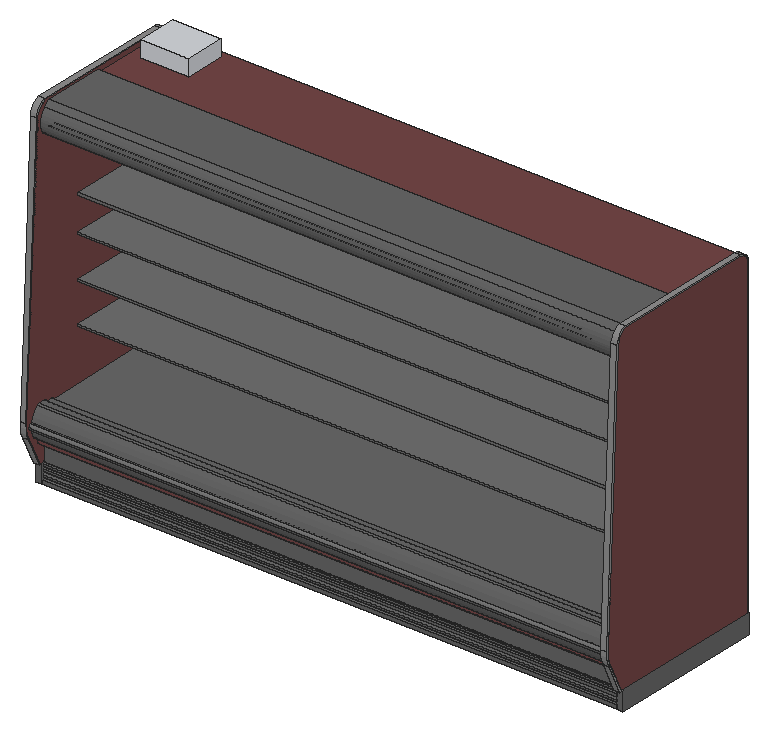
Revit family "O5DMH-NRG", category Mechanical Equipment, Revit 2017
Family settings
  Round Connector Dimension = Use Radius
  Part Type = Normal
  OmniClass Number = 23.40.40.11.17
  OmniClass Title = Refrigerated Cases
  Work Plane-Based = Yes
  Always vertical = Yes
  Cut with Voids When Loaded = No
  Shared = No
  Room Calculation Point = No
Parameters (values of type "12'")
  Width = 43 1/4"  # constant formula
  URL = "http://www.hillphoenix.com/?s=o5dmh"
  Type of Case = ""
  Timed-Off Defrost Termination Temp = 42 °F  # constant formula
  Timed-Off Defrost Fail-Safe (Min) = "30 (min)"
  TOP REFRIGERATION PIPING = yes
  TOP ELECTRICAL = yes
  Superheat Set Point @ Bulb (°F) = "6-8 °F"  # constant formula
  Standard Power Watts = 17.6 W
  Standard Power Amps = 0.15 A
  STAINLESS STEEL = GALVANIZED STEEL
  Refgn = 28 5/8"
  RT STD END = yes
  REFRIGERATION PIPING = COPPER PIPE
  RUBBER BUMPER [instance] = BLACK
  REAR REFRIGERATION PIPING = yes
  PAINTED METAL UPPER SHELF = PAINTED SHELVES
  PAINTED METAL INTERIOR [instance] = GALVANIZED STEEL
  PAINTED METAL EXTERIOR [instance] = CHARCOAL BROWN
  Number of Fans = 3
  Model = "O5DMHQA-NRG"  # constant formula
  Manufacturer = "HILL PHOENIX"  # constant formula
  Lights Per Row = 3
  Light Length = "4'"
  Length of Cases = 48"
  Length = 144"
  Legend Number = Model  # "O5DMHQA-NRG"
  LF STD END = yes
  Keynote = ""  # constant formula
  Item Description = Description  # "Multi-Deck Merchandiser"
  High Power (Cornice) Watts = 44.8 W
  High Power (Cornice) Amps = 0.37 A
  High Efficiency Watts = 53 W
  High Efficiency Amps = 0.7 A
  Height = 85 5/8"  # constant formula
  GLASS = Glass
  Evaporator (°F) = 28 °F
  EQUIPMENT MARK = Legend Number  # "O5DMHQA-NRG"
  EQUIPMENT DESCRIPTION = Item Description  # "Multi-Deck Merchandiser"
  Discharge Air Velocity (FPM) = 150 FPM  # constant formula
  Discharge Air (°F) = 33 °F
  Description = "Multi-Deck Merchandiser"  # constant formula
  Defrosts Per Day = 2
  Default Elevation = 48"
  DRAIN PIPING = yes
  DRAIN LINE = 72"
  DESIGNERS NAME = "SHIDDRAMESH"  # constant formula
  DATE = "05/02/2016"  # constant formula
  Certifications = "NSF 7, UL471, CSA"  # constant formula
  CENTER LINE = Length / 2  # 72"
  BTUH Parallel = 1295
  BTUH Conventional = 1480
  BOTTOM REFRIGERATION PIPING = yes
  BOTTOM ELECTRICAL = yes
  BASE [instance] = BLACK PAINTED METAL
  Assembly Code = ""
  Application Discipline = "Dairy/Deli/Cut Produce"
  24" Shelf = yes
Types (36): name | Timed-Off Defrost Fail-Safe (Min) | Standard Power Watts | Standard Power Amps | Refgn | Number of Fans | Lights Per Row | Light Length | Length of Cases | Length | High Power (Cornice) Watts | High Power (Cornice) Amps | High Efficiency Watts | High Efficiency Amps | Evaporator (°F) | Discharge Air (°F) | Defrosts Per Day | DRAIN LINE | CENTER LINE | BTUH Parallel | BTUH Conventional | Application Discipline
  04' Dairy/Deli/Cut Produce with Std. Dairy Sill | "40 (min)" | 11.9 W | 0.1 A | 22 1/2" | 1 | 1 | "4'" | 48" | 48" | 21.5 W | 0.18 A | 18 W | 0.23 A | 28 °F | 33 °F | 6 | 36" | 24" | 1340 | 1531 | "Dairy/Deli/Cut Produce with 2.5 Extended Sill"
  06' Dairy/Deli/Cut Produce with Std. Dairy Sill | "40 (min)" | 16.6 W | 0.14 A | 28 5/8" | 2 | 2 | "3'" | 72" | 72" | 29.8 W | 0.25 A | 35 W | 0.47 A | 28 °F | 33 °F | 6 | 36" | 36" | 1375 | 1571 | "Dairy/Deli/Cut Produce with Std. Dairy Sill"
  08' Dairy/Deli/Cut Produce with Std. Dairy Sill | "40 (min)" | 23.8 W | 0.2 A | 28 5/8" | 2 | 2 | "4'" | 96" | 96" | 43 W | 0.36 A | 35 W | 0.47 A | 28 °F | 33 °F | 6 | 48" | 48" | 1375 | 1571 | "Dairy/Deli/Cut Produce with Std. Dairy Sill"
  12' Dairy/Deli/Cut Produce with Std. Dairy Sill | "40 (min)" | 35.7 W | 0.3 A | 28 5/8" | 3 | 3 | "4'" | 144" | 144" | 64.5 W | 0.54 A | 53 W | 0.7 A | 28 °F | 33 °F | 6 | 72" | 72" | 1375 | 1571 | "Dairy/Deli/Cut Produce with Std. Dairy Sill"
  04' Dairy/Deli/Cut Produce with 2.5 Extended Sill | "40 (min)" | 11.9 W | 0.1 A | 22 1/2" | 1 | 1 | "4'" | 48" | 48" | 21.5 W | 0.18 A | 18 W | 0.23 A | 28 °F | 33 °F | 6 | 36" | 24" | 1340 | 1531 | "Dairy/Deli/Cut Produce with 2.5 Extended Sill"
  06' Dairy/Deli/Cut Produce with 2.5 Extended Sill | "40 (min)" | 16.6 W | 0.14 A | 28 5/8" | 2 | 2 | "3'" | 72" | 72" | 29.8 W | 0.25 A | 35 W | 0.47 A | 28 °F | 33 °F | 6 | 36" | 36" | 1340 | 1531 | "Dairy/Deli/Cut Produce with 2.5 Extended Sill"
  08' Dairy/Deli/Cut Produce with 2.5 Extended Sill | "40 (min)" | 23.8 W | 0.2 A | 28 5/8" | 2 | 2 | "4'" | 96" | 96" | 43 W | 0.36 A | 35 W | 0.47 A | 28 °F | 33 °F | 6 | 48" | 48" | 1340 | 1531 | "Dairy/Deli/Cut Produce with 2.5 Extended Sill"
  12' Dairy/Deli/Cut Produce with 2.5 Extended Sill | "40 (min)" | 35.7 W | 0.3 A | 28 5/8" | 3 | 3 | "4'" | 144" | 144" | 64.5 W | 0.54 A | 53 W | 0.7 A | 28 °F | 33 °F | 6 | 72" | 72" | 1340 | 1531 | "Dairy/Deli/Cut Produce with 2.5 Extended Sill"
  04' Dairy/Deli/Cut Produce with 5 Extended Sill | "40 (min)" | 11.9 W | 0.1 A | 22 1/2" | 1 | 1 | "4'" | 48" | 48" | 21.5 W | 0.18 A | 18 W | 0.23 A | 28 °F | 33 °F | 6 | 36" | 24" | 1315 | 1503 | "Dairy/Deli/Cut Produce with 5 Extended Sill"
  06' Dairy/Deli/Cut Produce with 5 Extended Sill | "40 (min)" | 16.6 W | 0.14 A | 28 5/8" | 2 | 2 | "3'" | 72" | 72" | 29.8 W | 0.25 A | 35 W | 0.47 A | 28 °F | 33 °F | 6 | 36" | 36" | 1315 | 1503 | "Dairy/Deli/Cut Produce with 5 Extended Sill"
  08' Dairy/Deli/Cut Produce with 5 Extended Sill | "40 (min)" | 23.8 W | 0.2 A | 28 5/8" | 2 | 2 | "4'" | 96" | 96" | 43 W | 0.36 A | 35 W | 0.47 A | 28 °F | 33 °F | 6 | 48" | 48" | 1315 | 1503 | "Dairy/Deli/Cut Produce with 5 Extended Sill"
  12' Dairy/Deli/Cut Produce with 5 Extended Sill | "40 (min)" | 35.7 W | 0.3 A | 28 5/8" | 3 | 3 | "4'" | 144" | 144" | 64.5 W | 0.54 A | 53 W | 0.7 A | 28 °F | 33 °F | 6 | 72" | 72" | 1315 | 1503 | "Dairy/Deli/Cut Produce with 5 Extended Sill"
  04' Dairy/Deli/Cut Produce with 7.5 Extended Sill | "40 (min)" | 11.9 W | 0.1 A | 22 1/2" | 1 | 1 | "4'" | 48" | 48" | 21.5 W | 0.18 A | 18 W | 0.23 A | 28 °F | 33 °F | 6 | 36" | 24" | 1295 | 1480 | "Dairy/Deli/Cut Produce with 7.5 Extended Sill"
  06' Dairy/Deli/Cut Produce with 7.5 Extended Sill | "40 (min)" | 16.6 W | 0.14 A | 28 5/8" | 2 | 2 | "3'" | 72" | 72" | 29.8 W | 0.25 A | 35 W | 0.47 A | 28 °F | 33 °F | 6 | 36" | 36" | 1295 | 1480 | "Dairy/Deli/Cut Produce with 7.5 Extended Sill"
  08' Dairy/Deli/Cut Produce with 7.5 Extended Sill | "40 (min)" | 23.8 W | 0.2 A | 28 5/8" | 2 | 2 | "4'" | 96" | 96" | 43 W | 0.36 A | 35 W | 0.47 A | 28 °F | 33 °F | 6 | 48" | 48" | 1295 | 1480 | "Dairy/Deli/Cut Produce with 7.5 Extended Sill"
  12' Dairy/Deli/Cut Produce with 7.5 Extended Sill | "40 (min)" | 35.7 W | 0.3 A | 28 5/8" | 3 | 3 | "4'" | 144" | 144" | 64.5 W | 0.54 A | 53 W | 0.7 A | 28 °F | 33 °F | 6 | 72" | 72" | 1295 | 1480 | "Dairy/Deli/Cut Produce with 7.5 Extended Sill"
  04' Beverage Bulk Produce with 2.5 Extended Sill | "30 (min)" | 11.9 W | 0.1 A | 22 1/2" | 1 | 1 | "4'" | 48" | 48" | 21.5 W | 0.18 A | 18 W | 0.23 A | 34 °F | 37 °F | 2 | 36" | 24" | 1130 | 1291 | "Beverage/ Bulk Produce with 2.5 Extended Sill"
  06' Beverage Bulk Produce with 2.5 Extended Sill | "30 (min)" | 16.6 W | 0.14 A | 28 5/8" | 2 | 2 | "3'" | 72" | 72" | 29.8 W | 0.25 A | 35 W | 0.47 A | 34 °F | 37 °F | 2 | 36" | 36" | 1130 | 1291 | "Beverage/ Bulk Produce with 2.5 Extended Sill"
  08' Beverage Bulk Produce with 2.5 Extended Sill | "30 (min)" | 23.8 W | 0.2 A | 28 5/8" | 2 | 2 | "4'" | 96" | 96" | 43 W | 0.36 A | 35 W | 0.47 A | 34 °F | 37 °F | 2 | 48" | 48" | 1130 | 1291 | "Beverage/ Bulk Produce"
  12' Beverage Bulk Produce with 2.5 Extended Sill | "30 (min)" | 35.7 W | 0.3 A | 28 5/8" | 3 | 3 | "4'" | 144" | 144" | 64.5 W | 0.54 A | 53 W | 0.7 A | 34 °F | 37 °F | 2 | 72" | 72" | 1130 | 1291 | "Beverage/ Bulk Produce with 2.5 Extended Sill"
  04' Beverage Bulk Produce with 5 Extended Sill | "30 (min)" | 11.9 W | 0.1 A | 22 1/2" | 1 | 1 | "4'" | 48" | 48" | 21.5 W | 0.18 A | 18 W | 0.23 A | 34 °F | 37 °F | 2 | 36" | 24" | 1130 | 1263 | "Beverage/ Bulk Produce with 5 Extended Sill"
  06' Beverage Bulk Produce with 5 Extended Sill | "30 (min)" | 16.6 W | 0.14 A | 28 5/8" | 2 | 2 | "3'" | 72" | 72" | 29.8 W | 0.25 A | 35 W | 0.47 A | 34 °F | 37 °F | 2 | 36" | 36" | 1105 | 1263 | "Beverage/ Bulk Produce"
  08' Beverage Bulk Produce with 5 Extended Sill | "30 (min)" | 23.8 W | 0.2 A | 28 5/8" | 2 | 2 | "4'" | 96" | 96" | 43 W | 0.36 A | 35 W | 0.47 A | 34 °F | 37 °F | 2 | 48" | 48" | 1130 | 1263 | "Beverage/ Bulk Produce with 5 Extended Sill"
  12' Beverage Bulk Produce with 5 Extended Sill | "30 (min)" | 35.7 W | 0.3 A | 28 5/8" | 3 | 3 | "4'" | 144" | 144" | 64.5 W | 0.54 A | 53 W | 0.7 A | 34 °F | 37 °F | 2 | 72" | 72" | 1105 | 1263 | "Beverage/ Bulk Produce with 5 Extended Sill"
  04' Beverage Bulk Produce with 7.5 Extended Sill | "30 (min)" | 11.9 W | 0.1 A | 22 1/2" | 1 | 1 | "4'" | 48" | 48" | 21.5 W | 0.18 A | 18 W | 0.23 A | 34 °F | 37 °F | 2 | 36" | 24" | 1085 | 1240 | "Beverage/ Bulk Produce"
  06' Beverage Bulk Produce with 7.5 Extended Sill | "30 (min)" | 16.6 W | 0.14 A | 28 5/8" | 2 | 2 | "3'" | 72" | 72" | 29.8 W | 0.25 A | 35 W | 0.47 A | 34 °F | 37 °F | 2 | 36" | 36" | 1085 | 1240 | "Beverage/ Bulk Produce with 7.5 Extended Sill"
  08' Beverage Bulk Produce with 7.5 Extended Sill | "40 (min)" | 23.8 W | 0.2 A | 28 5/8" | 2 | 2 | "4'" | 96" | 96" | 43 W | 0.36 A | 35 W | 0.47 A | 28 °F | 33 °F | 6 | 48" | 48" | 1085 | 1240 | "Beverage/ Bulk Produce with 7.5 Extended Sill"
  12' Beverage Bulk Produce with 7.5 Extended Sill | "30 (min)" | 35.7 W | 0.3 A | 28 5/8" | 3 | 3 | "4'" | 144" | 144" | 64.5 W | 0.54 A | 53 W | 0.7 A | 34 °F | 37 °F | 2 | 72" | 72" | 1085 | 1240 | "Beverage/ Bulk Produce with 7.5 Extended Sill"
  04' Beverage Bulk Produce with Std. Dairy Sill | "30 (min)" | 11.9 W | 0.1 A | 22 1/2" | 1 | 1 | "4'" | 48" | 48" | 21.5 W | 0.18 A | 18 W | 0.23 A | 34 °F | 37 °F | 2 | 36" | 24" | 1165 | 1331 | "Beverage Bulk Produce with Std. Dairy Sill"
  06' Beverage Bulk Produce with Std. Dairy Sill | "30 (min)" | 16.6 W | 0.14 A | 28 5/8" | 2 | 2 | "3'" | 72" | 72" | 29.8 W | 0.25 A | 35 W | 0.47 A | 34 °F | 37 °F | 2 | 36" | 36" | 1165 | 1331 | "Beverage/ Bulk Produce with 2.5 Extended Sill"
  08' Beverage Bulk Produce with Std. Dairy Sill | "30 (min)" | 23.8 W | 0.2 A | 28 5/8" | 2 | 2 | "4'" | 96" | 96" | 43 W | 0.36 A | 35 W | 0.47 A | 34 °F | 37 °F | 2 | 48" | 48" | 1164 | 1331 | "Beverage/ Bulk Produce with 2.5 Extended Sill"
  12' Beverage Bulk Produce with Std. Dairy Sill | "30 (min)" | 35.7 W | 0.3 A | 28 5/8" | 3 | 3 | "4'" | 144" | 144" | 64.5 W | 0.54 A | 53 W | 0.7 A | 34 °F | 37 °F | 2 | 72" | 72" | 1165 | 1331 | "Beverage/ Bulk Produce"
  12' | "30 (min)" | 17.6 W | 0.15 A | 28 5/8" | 3 | 3 | "4'" | 48" | 144" | 44.8 W | 0.37 A | 53 W | 0.7 A | 28 °F | 33 °F | 2 | 72" | 72" | 1295 | 1480 | "Dairy/Deli/Cut Produce"
  8' | "30 (min)" | 11.8 W | 0.1 A | 28 5/8" | 2 | 2 | "4'" | 48" | 96" | 29.9 W | 0.25 A | 35 W | 0.47 A | 28 °F | 33 °F | 2 | 48" | 48" | 1315 | 1503 | "Dairy/Deli/Cut Produce"
  6' | "30 (min)" | 9.4 W | 0.08 A | 28 5/8" | 2 | 2 | "3" | 48" | 72" | 23.8 W | 0.2 A | 35 W | 0.47 A | 28 °F | 33 °F | 2 | 36" | 36" | 1340 | 1531 | "Dairy/Deli/Cut Produce"
  4' | "40 (Min)" | 5.9 W | 0.05 A | 22 1/2" | 1 | 1 | "4'" | 48" | 48" | 14.9 W | 0.12 A | 18 W | 0.23 A | 28 °F | 33 °F | 6 | 36" | 24" | 1375 | 1571 | "Dairy/Deli/Cut Produce"
Reference planes (in)
  plane 1: z = 0.01963
  plane 2 "LEFT": x = 0
  plane 3 "CASE RIGHT": x = 144
  plane 4: z = 0
  plane 5: y = -15.80744
  plane 6: x = 145.5
  plane 7: x = 72
  plane 8: y = -59.05744
  plane 9: z = 85.625
  plane 10: y = -44.43244
Forms (in)
  Extrusion 1, solid, material "BLACK PAINTED METAL" <- "BASE"
    sketch origin (0, 0, 0) x (0, 1, 0) y (0, 0, 1)
      loop
        line (-15.80744, 5.125) -> (-47.55744, 5.125) -> (-47.55744, 0) -> (-45.71494, 0) -> (-45.71494, 2.94807) -> (-17.58744, 2.94807) -> (-17.58744, 0) -> (-15.80744, 0) -> (-15.80744, 5.125)
    from 0 to 144
  Extrusion 2, solid, material "BLACK PAINTED METAL" <- "BASE"
    sketch origin (0, 0, 0) x (0, 1, 0) y (0, 0, 1)
      loop
        line (-50.20012, 5.125) -> (-53.93244, 8.13836) -> (-53.93244, 0.43216) -> (-47.55744, 0.43216) -> (-47.55744, 5.125) -> (-50.20012, 5.125)
    from 0 to 144
  Extrusion 3, solid, material "BLACK PAINTED METAL"
    sketch origin (0, 0, 0) x (0, 1, 0) y (0, 0, 1)
      loop
        line (-54.22902, 8.37781) -> (-54.22902, 4.78705) -> (-54.22902, 4.64409)
        arc (-54.22902, 4.64409) -> (-54.38049, 4.5454) -> (-54.55908, 4.51727) r 0.43232
        line (-54.55908, 4.51727) -> (-54.55908, 4.01727) -> (-54.48058, 4.01727) -> (-54.06179, 4.09724) -> (-54.19916, 3.66264)
        arc (-54.19916, 3.66264) -> (-54.3352, 3.43693) -> (-54.55908, 3.29789) r 0.56287
        line (-54.55908, 3.29789) -> (-54.55908, 2.79789) -> (-54.48058, 2.79789) -> (-54.06179, 2.88284) -> (-54.19916, 2.44327)
        arc (-54.19916, 2.44327) -> (-54.33489, 2.21725) -> (-54.55908, 2.07851) r 0.55931
        line (-54.55908, 2.07851) -> (-54.55908, 1.57851) -> (-54.48058, 1.57851) -> (-54.06179, 1.66347) -> (-54.18557, 1.22002)
        arc (-54.18557, 1.22002) -> (-54.3739, 0.95321) -> (-54.68244, 0.84617) r 0.53344
        line (-54.68244, 0.84617) -> (-54.68244, 0) -> (-53.93244, 0) -> (-53.93244, 8.13836) -> (-54.22902, 8.37781)
    from 0 to 144
  Extrusion 4, solid, material "BLACK PAINTED METAL" <- "BASE"
    sketch origin (0, 0, 0) x (0, 1, 0) y (0, 0, 1)
      loop
        line (-56.25153, 11.27385) -> (-56.25153, 15.40325) -> (-54.30253, 15.40325) -> (-54.30253, 18.09848) -> (-54.1288, 18.09848) -> (-54.1288, 18.625)
        arc (-54.1288, 18.625) -> (-54.16541, 18.71339) -> (-54.2538, 18.75) r 0.125
        line (-54.2538, 18.75) -> (-55.9238, 18.75)
        arc (-55.9238, 18.75) -> (-56.15185, 18.70691) -> (-56.34846, 18.58357) r 0.625
        arc (-56.34846, 18.58357) -> (-57.60247, 17.03605) -> (-58.36985, 15.19799) r 7
        arc (-58.36985, 15.19799) -> (-57.7124, 14.51884) -> (-58.36985, 13.83968) r 0.67952
        arc (-58.36985, 13.83968) -> (-57.95374, 12.5156) -> (-57.189, 11.35737) r 4.98966
        arc (-57.189, 11.35737) -> (-57.11756, 11.30115) -> (-57.03084, 11.27385) r 0.25263
        line (-57.03084, 11.27385) -> (-56.25153, 11.27385)
    from 0 to 144
  Extrusion 5, solid, material "BLACK PAINTED METAL" <- "BASE"
    sketch origin (0, 0, 0) x (0, 1, 0) y (0, 0, 1)
      loop
        arc (-54.30253, 13.448) -> (-52.47048, 9.13196) -> (-48.09313, 7.45166) r 6
        line (-48.09313, 7.45166) -> (-45.80791, 6.18488) -> (-43.17736, 6.18488) -> (-41.08634, 7.70386) -> (-23.60242, 8.33316)
        arc (-23.60242, 8.33316) -> (-19.4889, 10.16196) -> (-17.78682, 14.32951) r 6.03269
        line (-17.78682, 14.32951) -> (-17.78682, 15.93488) -> (-19.88009, 15.93488) -> (-19.88009, 18.45977)
        arc (-19.88009, 18.45977) -> (-20.03379, 18.16305) -> (-20.34015, 18.02959) r 0.49958
        line (-20.34015, 18.02959) -> (-24.07806, 17.76769) -> (-24.07806, 18.09271) -> (-51.87458, 17.60752) -> (-51.87458, 17.79015)
        arc (-51.87458, 17.79015) -> (-51.94971, 17.99322) -> (-52.13893, 18.09848) r 0.312
        line (-52.13893, 18.09848) -> (-54.30253, 18.09848) -> (-54.30253, 13.448)
    from 0 to 144
  Extrusion 6, solid, material "BLACK" <- "RUBBER BUMPER"
    sketch origin (0, 0, 0) x (0, 1, 0) y (0, 0, 1)
      loop
        circle (-58.38801, 14.51855) r 0.67969
    from 0 to 144
  Extrusion 7, solid, material "CHARCOAL BROWN" <- "PAINTED METAL EXTERIOR"
    sketch origin (0, 0, 0) x (0, 1, 0) y (0, 0, 1)
      loop
        line (-56.25153, 10.01073) -> (-50.20012, 5.125) -> (-15.80744, 5.125) -> (-15.80744, 84.85931) -> (-49.61236, 84.85931) -> (-49.61236, 82.88331) -> (-17.78682, 82.88331) -> (-17.78682, 14.32951)
        arc (-17.78682, 14.32951) -> (-19.4889, 10.16196) -> (-23.60242, 8.33316) r 6.03269
        line (-23.60242, 8.33316) -> (-41.08634, 7.70386) -> (-43.17736, 6.18488) -> (-45.80791, 6.18488) -> (-48.09313, 7.45166)
        arc (-48.09313, 7.45166) -> (-52.47048, 9.13196) -> (-54.30253, 13.448) r 6
        line (-54.30253, 13.448) -> (-54.30253, 15.40325) -> (-56.25153, 15.40325) -> (-56.25153, 10.01073)
    from 0 to 144
  Extrusion 8, solid, material "PAINTED SHELVES" <- "PAINTED METAL UPPER SHELF", visible <- "24" Shelf"
    sketch origin (0, 0, -4) x (0, 1, 0) y (0, 0, 1)
      loop
        line (-19.87926, 61.79801) -> (-19.87926, 64.75474) -> (-43.87458, 64.75474) -> (-43.87458, 64.19474) -> (-34.27847, 64.19474) -> (-34.21985, 64.05929) -> (-23.41026, 63.12633)
        arc (-23.41026, 63.12633) -> (-22.74189, 62.94595) -> (-22.14862, 62.58919) r 2.5
        line (-22.14862, 62.58919) -> (-21.44578, 62.02048)
        arc (-21.44578, 62.02048) -> (-21.14236, 61.85236) -> (-20.79975, 61.79801) r 1
        line (-20.79975, 61.79801) -> (-19.87926, 61.79801)
    from 0 to 144
  Extrusion 9, solid, material "GALVANIZED STEEL" <- "STAINLESS STEEL"
    sketch origin (0, 0, 0) x (0, 1, 0) y (0, 0, 1)
      loop
        circle (-50.5347, 79.84283) r 0.5625
      loop
        circle (-52.30955, 79.86355) r 0.5625
    from 0 to 144
  Extrusion 10, solid, material "BLACK PAINTED METAL" <- "BASE"
    sketch origin (0, 0, 0) x (0, 1, 0) y (0, 0, 1)
      loop
        line (-37.64469, 84.85931) -> (-37.64469, 85.625) -> (-52.92557, 85.625)
        arc (-52.92557, 85.625) -> (-53.5312, 84.98172) -> (-54.15791, 84.35897) r 26.52952
        arc (-54.15791, 84.35897) -> (-55.42934, 81.52668) -> (-54.38051, 78.60463) r 4.15093
        arc (-54.38051, 78.60463) -> (-54.21735, 78.51475) -> (-54.03393, 78.54723) r 0.27977
        line (-54.03393, 78.54723) -> (-53.79968, 78.9127) -> (-53.73043, 79.14311) -> (-53.41173, 79.40128) -> (-53.19842, 80.55776) -> (-49.89581, 80.55776) -> (-48.19289, 79.49837) -> (-48.06435, 79.49837) -> (-48.06403, 82.88331) -> (-49.61236, 82.88331) -> (-49.61236, 84.85931) -> (-37.64469, 84.85931)
    from 0 to 144
  Extrusion 11, solid, material "BLACK PAINTED METAL" <- "BASE"
    sketch origin (0, 0, 0) x (0, 1, 0) y (0, 0, 1)
      loop
        line (-43.95946, 79.47436) -> (-43.95946, 80.47436) -> (-47.95945, 80.47436) -> (-47.95945, 79.47436) -> (-43.95946, 79.47436)
    from 0 to 144
  Extrusion 12, solid, material "BLACK PAINTED METAL" <- "BASE", visible <- "LF STD END"
    sketch origin (0, -2.3795, -30.67646) x (0, 1, 0) y (0, 0, 1)
      loop
        line (-12.92794, 30.67646) -> (-12.92794, 35.55146) -> (-52.30294, 35.55146) -> (-52.30294, 30.67646) -> (-12.92794, 30.67646)
    from 0 to -1.5
  Extrusion 13, solid, material "GALVANIZED STEEL" <- "STAINLESS STEEL", visible <- "LF STD END"
    sketch origin (0, 0, 0) x (0, 1, 0) y (0, 0, 1)
      loop
        arc (-56.11335, 82.8182) -> (-55.39288, 84.76176) -> (-53.68579, 85.9375) r 3.43669
        line (-53.68579, 85.9375) -> (-17.55744, 85.9375)
        arc (-17.55744, 85.9375) -> (-16.14322, 85.35171) -> (-15.55744, 83.9375) r 2
        line (-15.55744, 83.9375) -> (-15.55744, 4.875) -> (-15.30834, 4.875) -> (-15.30834, 83.87387)
        arc (-15.30834, 83.87387) -> (-15.96695, 85.4639) -> (-17.55699, 86.12251) r 2.24864
        line (-17.55699, 86.12251) -> (-53.80699, 86.12251)
        arc (-53.80699, 86.12251) -> (-55.61912, 84.93462) -> (-56.38773, 82.90875) r 3.50801
        line (-56.38773, 82.90875) -> (-59.66627, 15.57778)
        arc (-59.66627, 15.57778) -> (-59.5419, 13.53877) -> (-58.80348, 11.63411) r 6.63893
        arc (-58.80348, 11.63411) -> (-57.00699, 8.20788) -> (-55.49993, 4.64484) r 46.75
        line (-55.49993, 4.64484) -> (-54.68244, 4.64484) -> (-54.68244, 4.875) -> (-55.30815, 4.875)
        arc (-55.30815, 4.875) -> (-56.78092, 8.31904) -> (-58.52469, 11.63411) r 46.75
        arc (-58.52469, 11.63411) -> (-59.26311, 13.53877) -> (-59.38749, 15.57778) r 6.63893
        line (-59.38749, 15.57778) -> (-56.11335, 82.8182)
    from 0 to -1.5
  Extrusion 14, solid, material "CHARCOAL BROWN" <- "PAINTED METAL EXTERIOR", visible <- "LF STD END"
    sketch origin (0, 0, 0) x (0, 1, 0) y (0, 0, 1)
      loop
        line (-56.11335, 82.8182) -> (-59.38749, 15.57778)
        arc (-59.38749, 15.57778) -> (-59.26311, 13.53877) -> (-58.52469, 11.63411) r 6.63893
        arc (-58.52469, 11.63411) -> (-56.83449, 8.43122) -> (-55.39729, 5.1071) r 46.75
        line (-55.39729, 5.1071) -> (-55.30744, 4.875) -> (-15.53302, 4.875) -> (-15.53302, 83.90552)
        arc (-15.53302, 83.90552) -> (-16.12954, 85.34563) -> (-17.56965, 85.94214) r 2.03662
        line (-17.56965, 85.94214) -> (-53.67116, 85.94214)
        arc (-53.67116, 85.94214) -> (-55.37748, 84.7595) -> (-56.11335, 82.8182) r 3.49906
    from 0 to -1.5
  Extrusion 15, void
    sketch origin (0, 0, 0) x (1, 0, 0) y (0, 1, 0)
      loop
        circle (72, -44.43244) r 2
    from 0 to 4.875
  Extrusion 16, solid, material "COPPER PIPE" <- "REFRIGERATION PIPING", visible <- "DRAIN PIPING"
    sketch origin (0, 0, 0) x (1, 0, 0) y (0, 1, 0)
      loop
        circle (72, -44.43244) r 1.5
    from 2.62634 to 4.875
  Extrusion 17, void
    sketch origin (0, -15.80744, 84.85931) x (0, 0, 1) y (-1, 0, 0)
      loop
        circle (-70.35931, -140) r 2
    from 0 to 1.81288
  Extrusion 18, solid, material "COPPER PIPE" <- "REFRIGERATION PIPING", visible <- "REAR REFRIGERATION PIPING"
    sketch origin (72, -10.74044, 0) x (-1, 0, 0) y (0, 0, 1)
      loop
        circle (-68.8665, 14.5) r 0.5
      loop
        circle (-67.35422, 14.5) r 0.375
    from -6.87988 to -4.817
  Extrusion 19, void
    sketch origin (0, 0, 0) x (1, 0, 0) y (0, 1, 0)
      loop
        line (15.875, -53.02327) -> (28, -53.02327) -> (28, -49.19632) -> (15.875, -49.19632) -> (15.875, -53.02327)
    from 0.43216 to 2.48465
  Extrusion 20, solid, visible <- "BOTTOM ELECTRICAL"
    sketch origin (0, 0, 0) x (1, 0, 0) y (0, 1, 0)
      loop
        line (15.875, -53.02327) -> (28, -53.02327) -> (28, -49.19632) -> (15.875, -49.19632) -> (15.875, -53.02327)
    from 2.09522 to 2.48465
  Extrusion 21, void
    sketch origin (0, 0, 0) x (1, 0, 0) y (0, 1, 0)
      loop
        circle (135.25, -44.43244) r 2
    from 0 to 4.875
  Extrusion 22, solid, material "COPPER PIPE" <- "REFRIGERATION PIPING", visible <- "BOTTOM REFRIGERATION PIPING"
    sketch origin (0, 0, 0) x (1, 0, 0) y (0, 1, 0)
      loop
        circle (136.03802, -44.43244) r 0.5
      loop
        circle (134.23294, -44.43244) r 0.375
    from 2.62634 to 4.875
  Extrusion 23, solid, material "PAINTED SHELVES" <- "PAINTED METAL UPPER SHELF", visible <- "24" Shelf"
    sketch origin (0, 0, -12.80362) x (0, 1, 0) y (0, 0, 1)
      loop
        line (-19.87926, 61.79801) -> (-19.87926, 64.75474) -> (-43.87458, 64.75474) -> (-43.87458, 64.19474) -> (-34.27847, 64.19474) -> (-34.21985, 64.05929) -> (-23.41026, 63.12633)
        arc (-23.41026, 63.12633) -> (-22.74189, 62.94595) -> (-22.14862, 62.58919) r 2.5
        line (-22.14862, 62.58919) -> (-21.44578, 62.02048)
        arc (-21.44578, 62.02048) -> (-21.14236, 61.85236) -> (-20.79975, 61.79801) r 1
        line (-20.79975, 61.79801) -> (-19.87926, 61.79801)
    from 0 to 144
  Extrusion 24, solid, material "PAINTED SHELVES" <- "PAINTED METAL UPPER SHELF", visible <- "24" Shelf"
    sketch origin (0, 0, -19.43409) x (0, 1, 0) y (0, 0, 1)
      loop
        line (-19.87926, 57.79801) -> (-19.87926, 60.75474) -> (-43.87458, 60.75474) -> (-43.87458, 60.19474) -> (-34.27847, 60.19474) -> (-34.21985, 60.05929) -> (-23.41026, 59.12633)
        arc (-23.41026, 59.12633) -> (-22.74189, 58.94595) -> (-22.14862, 58.58919) r 2.5
        line (-22.14862, 58.58919) -> (-21.44578, 58.02048)
        arc (-21.44578, 58.02048) -> (-21.14236, 57.85236) -> (-20.79975, 57.79801) r 1
        line (-20.79975, 57.79801) -> (-19.87926, 57.79801)
    from 0 to 144
  Extrusion 25, solid, material "PAINTED SHELVES" <- "PAINTED METAL UPPER SHELF", visible <- "24" Shelf"
    sketch origin (0, 0, -29.48744) x (0, 1, 0) y (0, 0, 1)
      loop
        line (-19.87926, 57.79801) -> (-19.87926, 60.75474) -> (-43.87458, 60.75474) -> (-43.87458, 60.19474) -> (-34.27847, 60.19474) -> (-34.21985, 60.05929) -> (-23.41026, 59.12633)
        arc (-23.41026, 59.12633) -> (-22.74189, 58.94595) -> (-22.14862, 58.58919) r 2.5
        line (-22.14862, 58.58919) -> (-21.44578, 58.02048)
        arc (-21.44578, 58.02048) -> (-21.14236, 57.85236) -> (-20.79975, 57.79801) r 1
        line (-20.79975, 57.79801) -> (-19.87926, 57.79801)
    from 0 to 144
  Extrusion 26, solid, material "BLACK PAINTED METAL" <- "BASE", visible <- "RT STD END"
    sketch origin (78, -2.3795, -30.67646) x (0, 1, 0) y (0, 0, 1)
      loop
        line (-12.92794, 30.67646) -> (-12.92794, 35.55146) -> (-52.30294, 35.55146) -> (-52.30294, 30.67646) -> (-12.92794, 30.67646)
    from 67.5 to 66
  Extrusion 27, solid, material "GALVANIZED STEEL" <- "STAINLESS STEEL", visible <- "RT STD END"
    sketch origin (78, 0, 0) x (0, 1, 0) y (0, 0, 1)
      loop
        arc (-53.80699, 86.12251) -> (-55.61912, 84.93462) -> (-56.38773, 82.90875) r 3.50801
        line (-56.38773, 82.90875) -> (-59.66627, 15.57778)
        arc (-59.66627, 15.57778) -> (-59.5419, 13.53877) -> (-58.80348, 11.63411) r 6.63893
        arc (-58.80348, 11.63411) -> (-57.00699, 8.20788) -> (-55.49993, 4.64484) r 46.75
        line (-55.49993, 4.64484) -> (-54.68244, 4.64484) -> (-54.68244, 4.875) -> (-55.30815, 4.875)
        arc (-55.30815, 4.875) -> (-56.78092, 8.31904) -> (-58.52469, 11.63411) r 46.75
        arc (-58.52469, 11.63411) -> (-59.26311, 13.53877) -> (-59.38749, 15.57778) r 6.63893
        line (-59.38749, 15.57778) -> (-56.11335, 82.8182)
        arc (-56.11335, 82.8182) -> (-55.37748, 84.7595) -> (-53.67116, 85.94214) r 3.49906
        line (-53.67116, 85.94214) -> (-17.56965, 85.94214)
        arc (-17.56965, 85.94214) -> (-16.12954, 85.34563) -> (-15.53302, 83.90552) r 2.03662
        line (-15.53302, 83.90552) -> (-15.53302, 4.875) -> (-15.30834, 4.875) -> (-15.30834, 83.87387)
        arc (-15.30834, 83.87387) -> (-15.96695, 85.4639) -> (-17.55699, 86.12251) r 2.24864
        line (-17.55699, 86.12251) -> (-53.80699, 86.12251)
    from 67.5 to 66
  Extrusion 28, solid, material "CHARCOAL BROWN" <- "PAINTED METAL EXTERIOR", visible <- "RT STD END"
    sketch origin (78, 0, 0) x (0, 1, 0) y (0, 0, 1)
      loop
        line (-55.30744, 4.875) -> (-15.55744, 4.875) -> (-15.55744, 83.9375)
        arc (-15.55744, 83.9375) -> (-16.14322, 85.35171) -> (-17.55744, 85.9375) r 2
        line (-17.55744, 85.9375) -> (-53.68579, 85.9375)
        arc (-53.68579, 85.9375) -> (-55.3822, 84.75345) -> (-56.11335, 82.8182) r 3.49906
        line (-56.11335, 82.8182) -> (-59.38749, 15.57778)
        arc (-59.38749, 15.57778) -> (-59.25627, 13.50786) -> (-58.49273, 11.57944) r 6.63893
        arc (-58.49273, 11.57944) -> (-56.90765, 8.62712) -> (-55.5705, 5.55456) r 40.75
        line (-55.5705, 5.55456) -> (-55.30744, 4.875)
    from 67.5 to 66
  Extrusion 29, solid, material "GALVANIZED STEEL" <- "PAINTED METAL INTERIOR"
    sketch origin (0, 0, 0) x (0, 1, 0) y (0, 0, 1)
      loop
        line (-48.06436, 82.88331) -> (-48.06436, 79.36306)
        arc (-48.06436, 79.36306) -> (-48.03874, 79.3012) -> (-47.97687, 79.27557) r 0.08749
        line (-47.97687, 79.27557) -> (-47.63763, 79.27557)
        arc (-47.63763, 79.27557) -> (-47.62513, 79.28807) -> (-47.63763, 79.30057) r 0.0125
        line (-47.63763, 79.30057) -> (-47.97686, 79.30057)
        arc (-47.97686, 79.30057) -> (-48.02106, 79.31888) -> (-48.03936, 79.36307) r 0.0625
        line (-48.03936, 79.36307) -> (-48.03936, 80.47436) -> (-43.92164, 80.47436) -> (-43.92164, 79.36307)
        arc (-43.92164, 79.36307) -> (-43.93994, 79.31888) -> (-43.98414, 79.30057) r 0.0625
        line (-43.98414, 79.30057) -> (-44.35674, 79.30057)
        arc (-44.35674, 79.30057) -> (-44.36924, 79.28807) -> (-44.35674, 79.27557) r 0.0125
        line (-44.35674, 79.27557) -> (-43.98413, 79.27557)
        arc (-43.98413, 79.27557) -> (-43.92226, 79.3012) -> (-43.89664, 79.36306) r 0.08749
        line (-43.89664, 79.36306) -> (-43.89664, 80.75897) -> (-20.87311, 80.75897)
        arc (-20.87311, 80.75897) -> (-20.20195, 80.49895) -> (-19.87926, 79.85558) r 1
        line (-19.87926, 79.85558) -> (-19.87926, 15.93488) -> (-17.78682, 15.93488) -> (-17.78682, 82.88331) -> (-48.06436, 82.88331)
    from 0 to 144
  Extrusion 30, solid
    sketch origin (0, 0, 0) x (0, 1, 0) y (0, 0, 1)
      loop
        line (-17.55744, 84.85931) -> (-17.55744, 88.85931) -> (-27.55744, 88.85931) -> (-27.55744, 84.85931) -> (-17.55744, 84.85931)
    from 3 to 15
  Extrusion 31, solid
    sketch origin (0, 0, 0) x (0, 1, 0) y (0, 0, 1)
      loop
        line (-15.80744, 77.62424) -> (-15.80744, 12.62424) -> (-12.80744, 12.62424) -> (-12.80744, 77.62424) -> (-15.80744, 77.62424)
    from 131.31422 to 143.3106
Cuts and joins
  Extrusion 15, Extrusion 21 cuts Extrusion 1
  Extrusion 17 cuts Extrusion 5
  Extrusion 17 cuts Extrusion 7
  Extrusion 19 cuts Extrusion 2
Dimensions and locks (in)
  "Length": plane 2 "LEFT" to plane 3 "CASE RIGHT"
  "DRAIN LINE": plane 2 "LEFT" to plane 7
  locked: plane 3 "CASE RIGHT" to plane 6 at 1.5
  "Width": plane 5 to plane 8
  locked: Extrusion 15 sketch curve to plane 5 at 28.625
  locked: Extrusion 16 sketch curve to plane 5 at 28.625
  locked: cut or joined group of Extrusion 7, Extrusion 17 to Extrusion 19 sketch curve at 33.38888
  "Height": level to plane 9
  locked: plane 2 "LEFT" to Extrusion 20 sketch curve at 28
  "Refgn": plane 10 to plane 5
  locked: Extrusion 21 sketch curve to plane 10
  locked: Extrusion 22 sketch curve to plane 10
  locked: Extrusion 30 to Extrusion 30 at 10
  locked: Extrusion 30 to Extrusion 30 at 12
  locked: Extrusion 31 to Extrusion 31 at 11.99639
  locked: Extrusion 31 to Extrusion 27 at 0.6894
  aligned and locked: plane 3 "CASE RIGHT" to Extrusion 7
  aligned and locked: plane 3 "CASE RIGHT" to Extrusion 10
  aligned and locked: plane 3 "CASE RIGHT" to Extrusion 11
  aligned and locked: plane 3 "CASE RIGHT" to Extrusion 9
  aligned and locked: plane 3 "CASE RIGHT" to Extrusion 5
  aligned and locked: plane 3 "CASE RIGHT" to Extrusion 1
  aligned and locked: plane 3 "CASE RIGHT" to Extrusion 8
  aligned and locked: plane 3 "CASE RIGHT" to Extrusion 2
  aligned and locked: plane 3 "CASE RIGHT" to Extrusion 4
  aligned and locked: plane 3 "CASE RIGHT" to Extrusion 3
  aligned and locked: plane 3 "CASE RIGHT" to Extrusion 6
  aligned and locked: cut or joined group of Extrusion 2, Extrusion 19 to Extrusion 20 sketch curve
  aligned and locked: plane 3 "CASE RIGHT" to Extrusion 23
  aligned and locked: plane 3 "CASE RIGHT" to Extrusion 24
  aligned and locked: plane 3 "CASE RIGHT" to Extrusion 25
  aligned and locked: Extrusion 27 to plane 3 "CASE RIGHT"
  aligned and locked: plane 6 to Extrusion 27
  aligned and locked: Extrusion 28 to plane 3 "CASE RIGHT"
  aligned and locked: plane 6 to Extrusion 28
  aligned and locked: Extrusion 26 to plane 3 "CASE RIGHT"
  aligned and locked: plane 6 to Extrusion 26
  aligned and locked: Extrusion 19 to Extrusion 20
  aligned and locked: plane 3 "CASE RIGHT" to Extrusion 29
Automatic sketch dimensions
  Extrusion 1 sketch curve to level = 0"  (x3)
  Extrusion 1 sketch curve to plane 5 = 0"
  plane 5 to Extrusion 1 sketch curve = 1.78"
  plane 1 to Extrusion 1 sketch curve = 2.92844"
  Extrusion 1 sketch curve to plane 8 = 13.3425"
  Extrusion 1 sketch curve to Extrusion 1 sketch curve = 1.8425"
  Extrusion 1 sketch curve to Extrusion 1 sketch curve = 2.17693"
  Extrusion 2 sketch curve to plane 8 = 5 1/8"
  Extrusion 2 sketch curve to Extrusion 2 sketch curve = 3.73232"
  Extrusion 2 sketch curve to Extrusion 2 sketch curve = 2.64268"
  plane 1 to Extrusion 2 sketch curve = 0.41253"
  plane 1 to Extrusion 2 sketch curve = 5.10537"
  Extrusion 2 sketch curve to Extrusion 2 sketch curve = 3.01336"
  Extrusion 3 sketch curve to level = 0"
  Extrusion 3 sketch curve to plane 8 = 4.32158"
  Extrusion 3 sketch curve to Extrusion 3 sketch curve = 0.00285"
  Extrusion 3 sketch curve to Extrusion 3 sketch curve = 0.03839"
  Extrusion 3 sketch curve to Extrusion 3 sketch curve = 0.01218"
  Extrusion 3 sketch curve to Extrusion 3 sketch curve = 0.17393"
  Extrusion 3 sketch curve to Extrusion 3 sketch curve = 0.17678"  (x2)
  Extrusion 3 sketch curve to Extrusion 3 sketch curve = 0.02353"
  plane 1 to Extrusion 3 sketch curve = 1.55888"
  Extrusion 3 sketch curve to Extrusion 3 sketch curve = 0.0785"  (x3)
  Extrusion 3 sketch curve to Extrusion 3 sketch curve = 0.33006"
  Extrusion 3 sketch curve to Extrusion 3 sketch curve = 0.30652"
  Extrusion 3 sketch curve to Extrusion 3 sketch curve = 0.28142"  (x2)
  Extrusion 3 sketch curve to Extrusion 3 sketch curve = 0.29501"
  Extrusion 3 sketch curve to Extrusion 3 sketch curve = 0.41879"  (x3)
  plane 1 to Extrusion 3 sketch curve = 1.64384"
  Extrusion 3 sketch curve to Extrusion 3 sketch curve = 0.29658"
  Extrusion 3 sketch curve to Extrusion 3 sketch curve = 0.73234"
  Extrusion 3 sketch curve to Extrusion 3 sketch curve = 0.44345"
  Extrusion 3 sketch curve to Extrusion 3 sketch curve = 1/2"  (x3)
  Extrusion 3 sketch curve to Extrusion 3 sketch curve = 0.36475"  (x2)
  Extrusion 3 sketch curve to Extrusion 3 sketch curve = 0.1878"
  Extrusion 3 sketch curve to Extrusion 3 sketch curve = 0.08495"
  Extrusion 3 sketch curve to Extrusion 3 sketch curve = 0.18499"
  Extrusion 3 sketch curve to Extrusion 3 sketch curve = 0.07997"
  Extrusion 3 sketch curve to Extrusion 3 sketch curve = 0.12681"
  Extrusion 3 sketch curve to Extrusion 3 sketch curve = 0.14297"
  Extrusion 3 sketch curve to Extrusion 3 sketch curve = 0"
  Extrusion 3 sketch curve to Extrusion 3 sketch curve = 3.1894"
  Extrusion 3 sketch curve to Extrusion 3 sketch curve = 0.23945"
  Extrusion 4 sketch curve to plane 8 = 0.66552"
  Extrusion 4 sketch curve to Extrusion 4 sketch curve = 0.02206"
  Extrusion 4 sketch curve to Extrusion 4 sketch curve = 0.02207"
  Extrusion 4 sketch curve to plane 8 = 1.86844"
  Extrusion 4 sketch curve to Extrusion 4 sketch curve = 0"  (x2)
  Extrusion 4 sketch curve to Extrusion 4 sketch curve = 0.15816"
  Extrusion 4 sketch curve to Extrusion 4 sketch curve = 1/32"
  Extrusion 4 sketch curve to plane 8 = 2.70898"
  Extrusion 4 sketch curve to Extrusion 4 sketch curve = 0.7793"
  Extrusion 4 sketch curve to Extrusion 4 sketch curve = 0.42466"
  Extrusion 4 sketch curve to Extrusion 4 sketch curve = 1.949"
  Extrusion 4 sketch curve to Extrusion 4 sketch curve = 0.04874"
  Extrusion 4 sketch curve to Extrusion 4 sketch curve = 0.17374"
  Extrusion 4 sketch curve to Extrusion 4 sketch curve = 0.85461"
  Extrusion 4 sketch curve to Extrusion 4 sketch curve = 1.85569"
  plane 1 to Extrusion 4 sketch curve = 11.25422"
  Extrusion 4 sketch curve to Extrusion 4 sketch curve = 0.08352"
  Extrusion 4 sketch curve to Extrusion 4 sketch curve = 1.21147"
  Extrusion 4 sketch curve to Extrusion 4 sketch curve = 0.67916"
  Extrusion 4 sketch curve to Extrusion 4 sketch curve = 0.20526"
  Extrusion 4 sketch curve to Extrusion 4 sketch curve = 0.52652"
  Extrusion 5 sketch curve to plane 8 = 4.7549"
  Extrusion 5 sketch curve to Extrusion 5 sketch curve = 2.11595"
  Extrusion 5 sketch curve to Extrusion 5 sketch curve = 0.04766"
  Extrusion 5 sketch curve to Extrusion 5 sketch curve = 0.312"
  Extrusion 5 sketch curve to Extrusion 5 sketch curve = 3.57205"
  Extrusion 5 sketch curve to Extrusion 5 sketch curve = 0.2094"
  plane 1 to Extrusion 5 sketch curve = 6.16525"
  Extrusion 5 sketch curve to Extrusion 5 sketch curve = 2.28522"
  Extrusion 5 sketch curve to Extrusion 5 sketch curve = 2.63055"
  plane 1 to Extrusion 5 sketch curve = 7.68422"
  Extrusion 5 sketch curve to Extrusion 5 sketch curve = 2.09102"
  plane 5 to Extrusion 5 sketch curve = 8.27062"
  Extrusion 5 sketch curve to Extrusion 5 sketch curve = 0.25864"
  Extrusion 5 sketch curve to Extrusion 5 sketch curve = 0.217"
  Extrusion 5 sketch curve to Extrusion 5 sketch curve = 3.70306"
  Extrusion 5 sketch curve to Extrusion 5 sketch curve = 0.03485"
  Extrusion 5 sketch curve to Extrusion 5 sketch curve = 0.00045"
  Extrusion 5 sketch curve to Extrusion 5 sketch curve = 0.4949"
  plane 5 to Extrusion 5 sketch curve = 1.97938"
  Extrusion 5 sketch curve to Extrusion 5 sketch curve = 1.26678"
  plane 1 to Extrusion 5 sketch curve = 8.31353"
  Extrusion 5 sketch curve to Extrusion 5 sketch curve = 5.99634"
  Extrusion 5 sketch curve to Extrusion 5 sketch curve = 1.60537"
  Extrusion 5 sketch curve to Extrusion 5 sketch curve = 4.15952"
  Extrusion 5 sketch curve to Extrusion 5 sketch curve = 3.40574"
  Extrusion 5 sketch curve to Extrusion 5 sketch curve = 0.18263"
  Extrusion 5 sketch curve to Extrusion 5 sketch curve = 2.09422"
  Extrusion 5 sketch curve to Extrusion 5 sketch curve = 0.00049"
  Extrusion 5 sketch curve to Extrusion 5 sketch curve = 0.32502"
  Extrusion 5 sketch curve to Extrusion 5 sketch curve = 0.43018"
  Extrusion 6 sketch curve to plane 8 = 0.66942"
  plane 1 to Extrusion 6 sketch curve = 14.49892"
  Extrusion 7 sketch curve to plane 5 = 0"
  plane 5 to Extrusion 7 sketch curve = 1.97938"
  plane 5 to Extrusion 7 sketch curve = 7.79498"
  Extrusion 7 sketch curve to Extrusion 7 sketch curve = 0.217"
  plane 1 to Extrusion 7 sketch curve = 7.68422"
  Extrusion 7 sketch curve to Extrusion 7 sketch curve = 17.48392"
  plane 1 to Extrusion 7 sketch curve = 6.16525"
  Extrusion 7 sketch curve to Extrusion 7 sketch curve = 2.09102"
  Extrusion 7 sketch curve to Extrusion 7 sketch curve = 2.63055"
  Extrusion 7 sketch curve to Extrusion 7 sketch curve = 2.28522"
  Extrusion 7 sketch curve to Extrusion 7 sketch curve = 0.2094"
  plane 9 to Extrusion 7 sketch curve = 0.76569"
  Extrusion 7 sketch curve to plane 8 = 9.44508"
  Extrusion 7 sketch curve to Extrusion 7 sketch curve = 2.10699"
  Extrusion 7 sketch curve to plane 8 = 4.7549"
  Extrusion 7 sketch curve to Extrusion 7 sketch curve = 1.949"
  plane 1 to Extrusion 7 sketch curve = 5.10537"
  Extrusion 7 sketch curve to Extrusion 7 sketch curve = 1.26678"
  plane 1 to Extrusion 7 sketch curve = 8.31353"
  Extrusion 7 sketch curve to Extrusion 7 sketch curve = 3.43727"
  Extrusion 7 sketch curve to Extrusion 7 sketch curve = 5.99634"
  Extrusion 7 sketch curve to Extrusion 7 sketch curve = 1.95525"
  Extrusion 7 sketch curve to Extrusion 7 sketch curve = 1.976"
  Extrusion 8 sketch curve to plane 8 = 15.18286"
  Extrusion 8 sketch curve to Extrusion 8 sketch curve = 9.59612"
  Extrusion 8 sketch curve to Extrusion 8 sketch curve = 15/256"
  plane 5 to Extrusion 8 sketch curve = 7.91376"
  Extrusion 8 sketch curve to Extrusion 8 sketch curve = 0.31094"
  Extrusion 8 sketch curve to Extrusion 8 sketch curve = 1.26163"
  Extrusion 8 sketch curve to Extrusion 8 sketch curve = 0.70284"
  Extrusion 8 sketch curve to Extrusion 8 sketch curve = 0.62903"
  Extrusion 8 sketch curve to Extrusion 8 sketch curve = 0.64603"
  Extrusion 8 sketch curve to Extrusion 8 sketch curve = 15/16"
  plane 9 to Extrusion 8 sketch curve = 28.97926"
  Extrusion 8 sketch curve to Extrusion 8 sketch curve = 1.15227"
  Extrusion 8 sketch curve to Extrusion 8 sketch curve = 0.22247"
  Extrusion 8 sketch curve to Extrusion 8 sketch curve = 0.56871"
  Extrusion 8 sketch curve to Extrusion 8 sketch curve = 0.93296"
  Extrusion 8 sketch curve to Extrusion 8 sketch curve = 0.13545"
  Extrusion 8 sketch curve to Extrusion 8 sketch curve = 0.56"
  plane 9 to Extrusion 10 sketch curve = 0"
  plane 8 to Extrusion 10 sketch curve = 13.4842"
  Extrusion 10 sketch curve to plane 8 = 4.67693"
  Extrusion 10 sketch curve to Extrusion 10 sketch curve = 0"  (x2)
  Extrusion 10 sketch curve to Extrusion 10 sketch curve = 0.20887"
  plane 9 to Extrusion 10 sketch curve = 1.26603"
  Extrusion 10 sketch curve to plane 8 = 4.89953"
  Extrusion 10 sketch curve to Extrusion 10 sketch curve = 0.13771"
  Extrusion 10 sketch curve to Extrusion 10 sketch curve = 0.37196"
  Extrusion 10 sketch curve to Extrusion 10 sketch curve = 0.06925"
  Extrusion 10 sketch curve to Extrusion 10 sketch curve = 0.3187"
  Extrusion 10 sketch curve to Extrusion 10 sketch curve = 0.21332"
  Extrusion 10 sketch curve to Extrusion 10 sketch curve = 1.23234"
  Extrusion 10 sketch curve to Extrusion 10 sketch curve = 1.91691"
  Extrusion 10 sketch curve to Extrusion 10 sketch curve = 1.3857"
  Extrusion 10 sketch curve to Extrusion 10 sketch curve = 1.66915"
  Extrusion 10 sketch curve to Extrusion 10 sketch curve = 1.70292"
  Extrusion 10 sketch curve to Extrusion 10 sketch curve = 0.12854"
  plane 9 to Extrusion 10 sketch curve = 2.74169"
  Extrusion 10 sketch curve to Extrusion 10 sketch curve = 1.54832"
  plane 9 to Extrusion 10 sketch curve = 0.76569"
  Extrusion 10 sketch curve to Extrusion 10 sketch curve = 10.41935"
  Extrusion 10 sketch curve to Extrusion 10 sketch curve = 0.12195"
  Extrusion 10 sketch curve to Extrusion 10 sketch curve = 0.23041"
  Extrusion 10 sketch curve to Extrusion 10 sketch curve = 0.25817"
  Extrusion 10 sketch curve to Extrusion 10 sketch curve = 3.38493"
  Extrusion 10 sketch curve to Extrusion 10 sketch curve = 0.80846"
  Extrusion 11 sketch curve to plane 8 = 11.09798"
  Extrusion 11 sketch curve to Extrusion 11 sketch curve = 4"
  plane 9 to Extrusion 11 sketch curve = 6.15064"
  Extrusion 11 sketch curve to Extrusion 11 sketch curve = 1"
  Extrusion 12 sketch curve to level = 0"
  Extrusion 12 sketch curve to plane 8 = 4 3/8"
  Extrusion 12 sketch curve to plane 5 = 1/2"
  plane 1 to Extrusion 12 sketch curve = 4.85537"
  Extrusion 15 sketch curve to plane 7 = 0"
  Extrusion 16 sketch curve to plane 7 = 0"
  Extrusion 17 sketch curve to Extrusion 7 = 4"
  Extrusion 17 sketch curve to Extrusion 7 = 9 3/8"
  Extrusion 18 sketch curve to plane 3 "CASE RIGHT" = 3.1335"
  Extrusion 18 sketch curve to Extrusion 18 sketch curve = 1.51228"
  plane 1 to Extrusion 18 sketch curve = 14.48037"
  Extrusion 18 sketch curve to Extrusion 18 sketch curve = 0"
  plane 2 "LEFT" to Extrusion 19 sketch curve = 15 7/8"
  Extrusion 19 sketch curve to plane 7 = 44"
  Extrusion 19 sketch curve to Extrusion 19 sketch curve = 3.82695"
  Extrusion 21 sketch curve to plane 3 "CASE RIGHT" = 8 3/4"
  Extrusion 22 sketch curve to plane 3 "CASE RIGHT" = 9.76706"
  Extrusion 22 sketch curve to Extrusion 22 sketch curve = 1.80508"
  Extrusion 22 sketch curve to Extrusion 22 sketch curve = 0"
  Extrusion 23 sketch curve to plane 8 = 15.18286"
  Extrusion 23 sketch curve to Extrusion 23 sketch curve = 9.59612"
  Extrusion 23 sketch curve to Extrusion 23 sketch curve = 15/256"
  plane 5 to Extrusion 23 sketch curve = 7.91376"
  Extrusion 23 sketch curve to Extrusion 23 sketch curve = 0.31094"
  Extrusion 23 sketch curve to Extrusion 23 sketch curve = 1.26163"
  Extrusion 23 sketch curve to Extrusion 23 sketch curve = 0.70284"
  Extrusion 23 sketch curve to Extrusion 23 sketch curve = 0.62903"
  Extrusion 23 sketch curve to Extrusion 23 sketch curve = 0.64603"
  Extrusion 23 sketch curve to Extrusion 23 sketch curve = 15/16"
  plane 9 to Extrusion 23 sketch curve = 37.78288"
  Extrusion 23 sketch curve to Extrusion 23 sketch curve = 1.15227"
  Extrusion 23 sketch curve to Extrusion 23 sketch curve = 0.22247"
  Extrusion 23 sketch curve to Extrusion 23 sketch curve = 0.56871"
  Extrusion 23 sketch curve to Extrusion 23 sketch curve = 0.93296"
  Extrusion 23 sketch curve to Extrusion 23 sketch curve = 0.13545"
  Extrusion 23 sketch curve to Extrusion 23 sketch curve = 0.56"
  Extrusion 24 sketch curve to plane 8 = 15.18286"
  Extrusion 24 sketch curve to Extrusion 24 sketch curve = 9.59612"
  Extrusion 24 sketch curve to Extrusion 24 sketch curve = 15/256"
  plane 5 to Extrusion 24 sketch curve = 7.91376"
  Extrusion 24 sketch curve to Extrusion 24 sketch curve = 0.31094"
  Extrusion 24 sketch curve to Extrusion 24 sketch curve = 1.26163"
  Extrusion 24 sketch curve to Extrusion 24 sketch curve = 0.70284"
  Extrusion 24 sketch curve to Extrusion 24 sketch curve = 0.62903"
  Extrusion 24 sketch curve to Extrusion 24 sketch curve = 0.64603"
  Extrusion 24 sketch curve to Extrusion 24 sketch curve = 15/16"
  plane 1 to Extrusion 24 sketch curve = 37.19202"
  Extrusion 24 sketch curve to Extrusion 24 sketch curve = 1.15227"
  Extrusion 24 sketch curve to Extrusion 24 sketch curve = 0.22247"
  Extrusion 24 sketch curve to Extrusion 24 sketch curve = 0.56871"
  Extrusion 24 sketch curve to Extrusion 24 sketch curve = 0.93296"
  Extrusion 24 sketch curve to Extrusion 24 sketch curve = 0.13545"
  Extrusion 24 sketch curve to Extrusion 24 sketch curve = 0.56"
  Extrusion 25 sketch curve to plane 8 = 15.18286"
  Extrusion 25 sketch curve to Extrusion 25 sketch curve = 9.59612"
  Extrusion 25 sketch curve to Extrusion 25 sketch curve = 15/256"
  plane 5 to Extrusion 25 sketch curve = 7.91376"
  Extrusion 25 sketch curve to Extrusion 25 sketch curve = 0.31094"
  Extrusion 25 sketch curve to Extrusion 25 sketch curve = 1.26163"
  Extrusion 25 sketch curve to Extrusion 25 sketch curve = 0.70284"
  Extrusion 25 sketch curve to Extrusion 25 sketch curve = 0.62903"
  Extrusion 25 sketch curve to Extrusion 25 sketch curve = 0.64603"
  Extrusion 25 sketch curve to Extrusion 25 sketch curve = 15/16"
  plane 1 to Extrusion 25 sketch curve = 27.13867"
  Extrusion 25 sketch curve to Extrusion 25 sketch curve = 1.15227"
  Extrusion 25 sketch curve to Extrusion 25 sketch curve = 0.22247"
  Extrusion 25 sketch curve to Extrusion 25 sketch curve = 0.56871"
  Extrusion 25 sketch curve to Extrusion 25 sketch curve = 0.93296"
  Extrusion 25 sketch curve to Extrusion 25 sketch curve = 0.13545"
  Extrusion 25 sketch curve to Extrusion 25 sketch curve = 0.56"
  Extrusion 26 sketch curve to level = 0"
  Extrusion 26 sketch curve to plane 8 = 4 3/8"
  Extrusion 26 sketch curve to plane 5 = 1/2"
  plane 1 to Extrusion 26 sketch curve = 4.85537"
  Extrusion 20 sketch curve to Extrusion 20 sketch curve = 12 1/8"
  Extrusion 20 sketch curve to Extrusion 20 sketch curve = 3.82695"
  Extrusion 29 sketch curve to plane 8 = 10.99308"
  Extrusion 29 sketch curve to Extrusion 29 sketch curve = 1/16"  (x2)
  Extrusion 29 sketch curve to Extrusion 29 sketch curve = 0"  (x3)
  Extrusion 29 sketch curve to Extrusion 29 sketch curve = 0.33924"
  Extrusion 29 sketch curve to Extrusion 29 sketch curve = 3.2809"
  Extrusion 29 sketch curve to Extrusion 29 sketch curve = 0.3726"
  Extrusion 29 sketch curve to Extrusion 29 sketch curve = 0.025"
  plane 5 to Extrusion 29 sketch curve = 5.06714"
  Extrusion 29 sketch curve to Extrusion 29 sketch curve = 0.00147"
  Extrusion 29 sketch curve to Extrusion 29 sketch curve = 0.99532"
  plane 5 to Extrusion 29 sketch curve = 1.97938"
  plane 1 to Extrusion 29 sketch curve = 15.91525"
  plane 9 to Extrusion 29 sketch curve = 6.26194"
  Extrusion 29 sketch curve to Extrusion 29 sketch curve = 0.08749"
  Extrusion 29 sketch curve to Extrusion 29 sketch curve = 0.0125"  (x2)
  plane 9 to Extrusion 29 sketch curve = 5.86603"
  Extrusion 29 sketch curve to Extrusion 29 sketch curve = 0.0966"
  Extrusion 29 sketch curve to Extrusion 29 sketch curve = 0.28461"
  plane 9 to Extrusion 29 sketch curve = 2.74169"
  Extrusion 30 sketch curve to plane 9 = 3.23431"
  Extrusion 30 sketch curve to plane 10 = 16 7/8"
  plane 5 to Extrusion 30 sketch curve = 1 3/4"
  plane 9 to Extrusion 30 sketch curve = 0.76569"
  Extrusion 31 sketch curve to plane 5 = 0"
  Extrusion 31 sketch curve to plane 5 = 3"
  plane 1 to Extrusion 31 sketch curve = 12.60461"
  plane 9 to Extrusion 31 sketch curve = 8.00076"
  Extrusion 14 sketch curve to level = 11.76977"
  plane 8 to Extrusion 14 sketch curve = 39.93725"
  plane 8 to Extrusion 14 sketch curve = 0.33005"
  Extrusion 14 sketch curve to plane 8 = 2.94408"
  Extrusion 14 sketch curve to plane 8 = 3 169/256"
  Extrusion 14 sketch curve to Extrusion 14 sketch curve = 23/256"
  Extrusion 14 sketch curve to plane 9 = 0.31714"
  Extrusion 14 sketch curve to Extrusion 14 sketch curve = 2.44219"
  Extrusion 14 sketch curve to plane 8 = 6.27986"
  plane 9 to Extrusion 14 sketch curve = 3.02056"
  Extrusion 14 sketch curve to Extrusion 14 sketch curve = 3.49252"
  plane 5 to Extrusion 14 sketch curve = 1.76221"
  Extrusion 14 sketch curve to plane 5 = 0.27441"
  plane 1 to Extrusion 14 sketch curve = 4.85537"
  Extrusion 14 sketch curve to Extrusion 14 sketch curve = 0.2321"
  Extrusion 14 sketch curve to Extrusion 14 sketch curve = 9.85058"
  Extrusion 14 sketch curve to Extrusion 14 sketch curve = 3.94367"
  Extrusion 28 sketch curve to level = 9.1563"
  plane 8 to Extrusion 28 sketch curve = 34.51508"
  plane 8 to Extrusion 28 sketch curve = 0.33005"
  Extrusion 28 sketch curve to plane 8 = 2.94408"
  Extrusion 28 sketch curve to plane 8 = 3.48694"
  Extrusion 28 sketch curve to Extrusion 28 sketch curve = 0.26306"
  Extrusion 28 sketch curve to plane 9 = 5/16"
  Extrusion 28 sketch curve to Extrusion 28 sketch curve = 2.42756"
  Extrusion 28 sketch curve to plane 8 = 6.27986"
  plane 9 to Extrusion 28 sketch curve = 3.02056"
  Extrusion 28 sketch curve to Extrusion 28 sketch curve = 1.06496"
  plane 5 to Extrusion 28 sketch curve = 1 3/4"
  Extrusion 28 sketch curve to plane 5 = 1/4"
  plane 1 to Extrusion 28 sketch curve = 4.85537"
  Extrusion 28 sketch curve to Extrusion 28 sketch curve = 0.67956"
  Extrusion 28 sketch curve to Extrusion 28 sketch curve = 9.40312"
  Extrusion 28 sketch curve to Extrusion 28 sketch curve = 3.99834"
  Extrusion 13 sketch curve to level = 11.76977"
  Extrusion 13 sketch curve to Extrusion 13 sketch curve = 0.27879"  (x3)
  plane 8 to Extrusion 13 sketch curve = 0.60883"
  Extrusion 13 sketch curve to plane 8 = 2.66971"
  Extrusion 13 sketch curve to Extrusion 13 sketch curve = 0.27438"
  Extrusion 13 sketch curve to plane 8 = 3.74929"
  Extrusion 13 sketch curve to Extrusion 13 sketch curve = 0.62571"
  Extrusion 13 sketch curve to plane 9 = 0.49751"
  Extrusion 13 sketch curve to Extrusion 13 sketch curve = 2.30637"
  Extrusion 13 sketch curve to Extrusion 13 sketch curve = 0.12119"
  Extrusion 13 sketch curve to plane 8 = 6.00108"
  plane 9 to Extrusion 13 sketch curve = 2.88686"
  Extrusion 13 sketch curve to Extrusion 13 sketch curve = 3.22948"
  Extrusion 13 sketch curve to Extrusion 13 sketch curve = 13/64"
  plane 5 to Extrusion 13 sketch curve = 1 3/4"
  Extrusion 13 sketch curve to Extrusion 13 sketch curve = 0.00045"
  Extrusion 13 sketch curve to plane 5 = 1/4"
  Extrusion 13 sketch curve to Extrusion 13 sketch curve = 0.2491"
  Extrusion 13 sketch curve to Extrusion 13 sketch curve = 0"  (x4)
  plane 1 to Extrusion 13 sketch curve = 4.85537"  (x2)
  Extrusion 13 sketch curve to Extrusion 13 sketch curve = 10.08268"
  Extrusion 13 sketch curve to Extrusion 13 sketch curve = 3.94367"
  Extrusion 13 sketch curve to Extrusion 13 sketch curve = 0.08708"
  Extrusion 13 sketch curve to Extrusion 13 sketch curve = 0.09055"
  Extrusion 13 sketch curve to Extrusion 13 sketch curve = 0.19179"
  Extrusion 13 sketch curve to Extrusion 13 sketch curve = 0.23016"
  Extrusion 27 sketch curve to level = 11.76977"
  plane 8 to Extrusion 27 sketch curve = 40.21604"
  Extrusion 27 sketch curve to Extrusion 27 sketch curve = 0.27879"  (x3)
  plane 8 to Extrusion 27 sketch curve = 0.60883"
  Extrusion 27 sketch curve to plane 8 = 2.66971"
  Extrusion 27 sketch curve to Extrusion 27 sketch curve = 0.27438"
  Extrusion 27 sketch curve to plane 8 = 3.5575"
  Extrusion 27 sketch curve to Extrusion 27 sketch curve = 0.8175"
  Extrusion 27 sketch curve to plane 9 = 0.49751"
  Extrusion 27 sketch curve to Extrusion 27 sketch curve = 2.30637"
  Extrusion 27 sketch curve to Extrusion 27 sketch curve = 0.13582"
  Extrusion 27 sketch curve to plane 8 = 6.00108"
  plane 9 to Extrusion 27 sketch curve = 2.88686"
  Extrusion 27 sketch curve to Extrusion 27 sketch curve = 3.22948"
  Extrusion 27 sketch curve to Extrusion 27 sketch curve = 0.26304"
  Extrusion 27 sketch curve to plane 9 = 0.31714"
  plane 5 to Extrusion 27 sketch curve = 1.76221"
  Extrusion 27 sketch curve to Extrusion 27 sketch curve = 0.01266"
  Extrusion 27 sketch curve to plane 5 = 0.27441"
  Extrusion 27 sketch curve to Extrusion 27 sketch curve = 0.22468"
  Extrusion 27 sketch curve to Extrusion 27 sketch curve = 0"  (x4)
  plane 1 to Extrusion 27 sketch curve = 4.62521"
  plane 1 to Extrusion 27 sketch curve = 4.85537"
  Extrusion 27 sketch curve to Extrusion 27 sketch curve = 10.31284"
  Extrusion 27 sketch curve to Extrusion 27 sketch curve = 3.94367"
  Extrusion 27 sketch curve to Extrusion 27 sketch curve = 0.1337"
  Extrusion 27 sketch curve to Extrusion 27 sketch curve = 0.19179"
  radius of Extrusion 6 sketch curve = 87/128"
  radius of Extrusion 15 sketch curve = 2"
  radius of Extrusion 16 sketch curve = 1 1/2"
  radius of Extrusion 17 sketch curve = 2"
  radius of Extrusion 18 sketch curve = 1/2"
  radius of Extrusion 18 sketch curve = 3/8"
  radius of Extrusion 21 sketch curve = 2"
  radius of Extrusion 22 sketch curve = 1/2"
  radius of Extrusion 22 sketch curve = 3/8"
